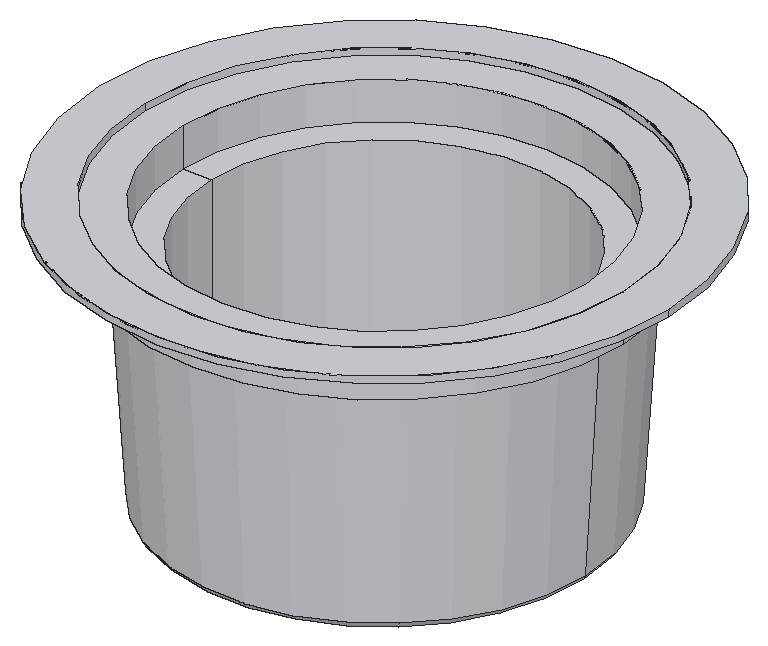
Revit family "Lighting-CommercialSector-GEWISS-ELIA-AL-LED_ACCENT_D172", category Apparecchi per illuminazione, host Superficie, Revit 2019
Family settings
  Host = Superficie
  Quota connettore circolare = Usa diametro
  Tipo di parte = Normale
  Taglio con vuoti quando caricato = No
  Sorgente d'illuminazione = Sì
  Condiviso = No
  Punto di calcolo locali = Sì
Parameters (values of type "GWF1411MH940 - ELIA AL M2 40K 60° ST.ALONE DALI CRI90")
  Working temperature = "-20° +45°"
  Weight (kg): = "0,7"
  Weight (kg) = "0,7"
  Wattage = 9.2903 W
  Warranty = "5 years"
  Voltage = "220-240 V "
  Visibilità etichetta [instance] = yes
  Visibilità simbolo [instance] = yes
  Visibilità lampada in pianta [instance] = not(Visibilità simbolo)  # no
  Version file RFA = "20.0"
  Variazione temperatura colore lampada con luminosità attenuata = (empty or 0)
  URL = "https://www.gewiss.com/ww/en"
  UGR: = "UGR<19"
  Typology = "Flush mounted"
  Type of light source = "LED - Not replaceable"
  Type of lamp = "LED"
  built-in parameter 1150107 = 3200 (stored number, unit not read)
  Technical sheet = "https://www.gewiss.com/ww/en/search?q=GWF1100GH840"
  System power = "25W"
  Spostamento_x_effettivo [instance] = 4000 mm - Spostamento_x  # 4000 mm
  Spostamento_x [instance] = 0 mm
  Spostamento_y_effettivo [instance] = 4000 mm - Spostamento_y  # 3820 mm
  Spostamento_y [instance] = 180 mm
  Shock resistance = "IK06"
  STRUTTURA = none
  SEO = "Flush mounted"
  Realized by GEWISS S.p.A. = ""
  built-in parameter 1150110 = 1 (stored number, unit not read)
  built-in parameter 1150109 = 1 (stored number, unit not read)
  built-in parameter 1114218 = 1 (stored number, unit not read)
  built-in parameter 1150112 = 1 (stored number, unit not read)
  POSIZIONE = 80000  # constant formula
  Optic = "60°"
  Operating temperature: = "-20° +45°"
  built-in parameter 1150142 = "IESNA:LM-63-1995\r\n[TEST] 1\r\n[DATE] 27 Nov 2019\r\n[MANUFAC] GEWISS\r\n[LUMCAT] GWF1411MH940\r\n[LUMINAIRE] ELIA AL - M2 60° LED940 25W - DALI\r\n[FLASHAREA] 0.003065\r\n[LAMPCAT] LED 25W/2400lm\r\n[LAMP] LED 25W/2400lm\r\nTILT=NONE\r\n1 2400.00 1.0 91 4 1 2 -0.127 0.000 0.000\r\n1.00 1.00 25.00\r\n0.00 1.00 2.00 3.00 4.00 5.00 6.00 7.00 8.00 9.00 10.00 \r\n11.00 12.00 13.00 14.00 15.00 16.00 17.00 18.00 19.00 \r\n20.00 21.00 22.00 23.00 24.00 25.00 26.00 27.00 28.00 \r\n29.00 30.00 31.00 32.00 33.00 34.00 35.00 36.00 37.00 \r\n38.00 39.00 40.00 41.00 42.00 43.00 44.00 45.00 46.00 \r\n47.00 48.00 49.00 50.00 51.00 52.00 53.00 54.00 55.00 \r\n56.00 57.00 58.00 59.00 60.00 61.00 62.00 63.00 64.00 \r\n65.00 66.00 67.00 68.00 69.00 70.00 71.00 72.00 73.00 \r\n74.00 75.00 76.00 77.00 78.00 79.00 80.00 81.00 82.00 \r\n83.00 84.00 85.00 86.00 87.00 88.00 89.00 90.00 \r\n0.00 30.00 60.00 90.00 \r\n2858.40 2860.80 2864.40 2868.00 2869.20 2864.40 2854.80 \r\n2841.60 2828.40 2812.80 2798.40 2782.80 2761.20 2733.60 \r\n2700.00 2658.00 2604.00 2540.40 2468.40 2385.48 2296.08 \r\n2199.48 2096.76 1986.72 1872.24 1752.12 1629.72 1510.68 \r\n1387.44 1264.56 1144.56 1031.52 929.40 837.36 754.32 \r\n679.56 612.00 551.64 496.44 445.32 398.16 354.24 313.44 \r\n274.32 237.14 200.22 164.72 130.26 99.02 74.28 54.78 \r\n39.13 26.72 18.53 12.68 8.19 5.21 3.41 2.68 2.28 1.99 \r\n1.79 1.57 1.38 1.24 1.13 1.06 1.00 0.95 0.90 0.84 0.82 \r\n0.77 0.73 0.67 0.62 0.57 0.51 0.44 0.36 0.28 0.21 0.14 \r\n0.07 0.00 0.00 0.00 0.00 0.00 0.00 0.00 \r\n2844.00 2846.40 2850.60 2852.40 2849.40 2842.80 2834.40 \r\n2823.60 2811.60 2797.20 2784.00 2766.00 2744.40 2715.00 \r\n2680.20 2637.60 2584.20 2521.20 2449.32 2369.28 2281.62 \r\n2186.58 2086.20 1979.34 1867.14 1749.96 1629.30 1508.34 \r\n1387.14 1265.16 1144.44 1033.26 931.74 839.76 758.10 \r\n684.06 616.92 556.56 501.48 450.60 402.84 358.62 317.82 \r\n278.70 240.88 203.99 168.20 133.06 100.93 75.22 55.82 \r\n39.71 26.86 18.57 12.77 8.27 5.13 3.43 2.67 2.24 1.98 \r\n1.79 1.57 1.38 1.23 1.13 1.06 0.99 0.94 0.89 0.85 0.80 \r\n0.75 0.71 0.67 0.61 0.55 0.49 0.44 0.37 0.29 0.21 0.11 \r\n0.05 0.00 0.00 0.00 0.00 0.00 0.00 0.00 \r\n2844.00 2845.80 2850.00 2852.40 2849.40 2844.00 2832.00 \r\n2818.80 2805.60 2791.80 2778.60 2761.80 2739.60 2712.00 \r\n2677.20 2635.20 2582.40 2519.40 2447.58 2367.42 2279.88 \r\n2184.72 2084.10 1977.06 1864.14 1746.36 1626.06 1505.04 \r\n1386.42 1266.96 1147.02 1034.46 932.28 839.94 758.10 \r\n684.30 617.94 557.94 503.28 453.24 405.12 360.78 321.00 \r\n281.52 242.69 205.63 169.22 133.76 100.80 75.07 56.26 \r\n39.72 26.99 18.66 12.87 8.36 5.06 3.51 2.67 2.26 2.01 \r\n1.81 1.60 1.41 1.24 1.14 1.09 1.01 0.96 0.91 0.86 0.81 \r\n0.76 0.72 0.68 0.62 0.57 0.51 0.45 0.38 0.31 0.22 0.13 \r\n0.03 0.00 0.00 0.00 0.00 0.00 0.00 0.00 \r\n2844.00 2845.20 2851.20 2853.60 2853.60 2846.40 2834.40 \r\n2818.80 2803.20 2788.80 2772.00 2756.40 2733.60 2707.20 \r\n2673.60 2630.40 2576.40 2514.00 2440.20 2361.24 2273.04 \r\n2178.12 2077.56 1971.24 1859.04 1741.68 1621.44 1500.00 \r\n1384.44 1265.16 1144.80 1032.36 931.08 839.64 758.40 \r\n684.36 617.64 557.64 503.52 453.48 405.36 361.44 321.96 \r\n283.32 243.46 206.33 169.34 134.09 100.55 74.69 56.38 \r\n39.54 27.02 18.73 12.99 8.46 5.02 3.58 2.72 2.31 2.06 \r\n1.87 1.66 1.46 1.26 1.18 1.11 1.04 0.98 0.93 0.89 0.83 \r\n0.78 0.74 0.70 0.63 0.58 0.52 0.45 0.39 0.31 0.22 0.13 \r\n0.02 0.00 0.00 0.00 0.00 0.00 0.00 0.00 \r\n"
  built-in parameter 1150137 = (empty or 0)
  built-in parameter 1150132 = (empty or 0)
  Luminous flux in emerg. [lm] = ""
  Lumen output (lm) = "2550"
  Lamp = "LED"
  LUNGHEZZA FORO = 968.572 mm
  LED Life time (L80B50) = "L80 B50 (Tq25°) = 50.000h"
  LED = none
  LARGHEZZA_FORO = 820.364 mm
  built-in parameter 1150105 = 109.82 (stored number, unit not read)
  built-in parameter 1150102 = (empty or 0)
  Insulation class = "II"
  Installation = "Flush mounted"
  built-in parameter 1150106 = 1.0982 (stored number, unit not read)
  Default Elevation = 1219.2 mm
  Produttore = "GEWISS S.p.A."
  Nome quadro [instance] = "25W"
  Model = "GWF1411MH940"
  L_lampada = 1500 mm
  Immagine tipo = ELIA_AL.jpg
  IP degree = "IP40 - IP54"
  IDT = "c1be2df2-232f-40c1-8cd1-aa0a19295d6b"
  IDF = "da994d68-7c15-409b-becf-5cf5e9cdf8f4"
  Lumens = 1380 lm
  Color Filter = 16777215
  File diagramma fotometrico = "GWF1411MH940.IES"
  built-in parameter 1114217 = 1 (stored number, unit not read)
  built-in parameter 1150139 = (empty or 0)
  FORO_CONTROSOFFITTO = 80 mm  # constant formula
  Emit from Line Length = 609.6 mm
  Electrocod = ""
  Efficiency class of integrated LEDs = ""
  built-in parameter 1150104 = 13.8 (stored number, unit not read)
  EAN code = ""
  Driver type = ""
  Distanza dal host [instance] = 0 mm
  built-in parameter 1150115 = 1 (stored number, unit not read)
  built-in parameter 1150114 = 1 (stored number, unit not read)
  built-in parameter 1150113 = 1 (stored number, unit not read)
  Dimensions (mm) = "Standard"
  Description = "ELIA AL M2 40K 60° ST.ALONE DALI CRI90"
  Colour temperature: = "4000K"
  Colour temperature = "4000K"
  Colour = "White"
  built-in parameter 1150134 = 3
  built-in parameter 1150138 = (empty or 0)
  Catalogue Range = "ELIA AL"
  Catalogue = "LIGHTING"
  COBie.Tagnumber = ""
  COBie.CreatedOn = ""
  COBie.CreatebBy = ""
  COBie.ComponentRegisterItemID = ""
  COBie.Component.TagNumber = ""
  COBie.Component.Space = ""
  COBie.Component.SerialNumber = ""
  COBie.Component.InstallationDate = ""
  COBie.Component.Description = ""
  COBie.Component.BarCode = ""
  Application = "Indoor"
  Tilt Angle = -90.00°
  built-in parameter 1150133 = 10 (stored number, unit not read)
Reference planes
  plane 1 "Centro (Fronte/Retro)": y = 0
  plane 2: z = 0
  plane 3 "Centro (Sinistra/Destra)": x = 0
  plane 4: x = -4000
  plane 5: x = 0
  plane 6: x = 0
  plane 7: z = 1200
  plane 8: y = -4000
  plane 9: y = -180
  plane 10: x = -484.286
  plane 11: y = -410.182
  plane 12: x = 484.286
  plane 13: y = 410.182
  plane 14: z = -80
Forms (mm)
  Extrusion 1, void
    sketch origin (0, 0, 0) x (1, 0, 0) y (0, 1, 0)
      loop
        circle (0, 0) r 86
    from -82.105 to 0
Lines and regions (mm)
  symbolic lines, visible <- "Visibilità lampada in pianta"
    curve 1: circle (0, 0, 0) r 86 normal (0, 0, 1)
Dimensions and locks
  plane 4 to plane 3 "Centro (Sinistra/Destra)" = 4000 mm  (x2)
  "Spostamento_x_effettivo": plane 4 to plane 5
  "Spostamento_x_effettivo": plane 6 to plane 4
  plane 7 to plane 2 = 1200 mm
  "Spostamento_y_effettivo": plane 9 to plane 8
  plane 1 "Centro (Fronte/Retro)" to plane 8 = 4000 mm
  equal spacing: plane 10, plane 3 "Centro (Sinistra/Destra)", plane 12
  equal spacing: plane 13, plane 1 "Centro (Fronte/Retro)", plane 11
  "FORO_CONTROSOFFITTO": level to plane 14
  "LUNGHEZZA FORO": plane 10 to plane 12
  "LARGHEZZA_FORO": plane 13 to plane 11
  aligned and locked: plane 2 to host face
  aligned and locked: level to host face
  aligned and locked: nested 2 to plane 1 "Centro (Fronte/Retro)"
  aligned and locked: plane 6 to nested 1
  aligned and locked: nested 1 to plane 9
  aligned and locked: plane 3 "Centro (Sinistra/Destra)" to nested 3
  aligned and locked: plane 1 "Centro (Fronte/Retro)" to nested 3
  aligned and locked: plane 6 to nested 4
  aligned and locked: nested 4 to imposter light
  aligned and locked: host face to imposter light
  aligned and locked: Extrusion 1 to nested 3
  aligned and locked: level to Extrusion 1
Automatic sketch dimensions
  host sketch curve to host sketch curve = 2438.4 mm  (x2)
  plane 1 "Centro (Fronte/Retro)" to Extrusion 1 sketch curve = 0 mm
  Extrusion 1 sketch curve to plane 3 "Centro (Sinistra/Destra)" = 0 mm
  plane 1 "Centro (Fronte/Retro)" to curve 1 = 0 mm
  curve 1 to plane 3 "Centro (Sinistra/Destra)" = 0 mm
  radius of Extrusion 1 sketch curve = 86 mm
  radius of curve 1 = 86 mm
Nested families
  nested 1: "Etichetta light" at (0, -180, 0), visible <- "Visibilità etichetta", type "Etichetta light"
  nested 2: "SIMB_2D" at (0, 0, 110.443) x (0, 0, 1) z (1, 0, 0), visible <- "Visibilità simbolo", type "SIMB_2D"
  nested 3: "Base_ELIA_6_ AL_Base" at (0, 0, -82.105), type "Base_ELIA_6_ AL_Base"
  nested 4: "elia_cl_SIMB_2D" at (0, 0, 0), vs_simbolo <- "Visibilità simbolo", type "elia_cl_SIMB_2D"
    with vs_simbolo yes
Definition of nested family "Base_ELIA_6_ AL_Base"
  Parameters (values of type "Base_ELIA_6_ AL_Base")
    struttura = none
    r3 = r2 - 5 mm  # 85.426 mm
    r2 = Raggio - 23.8 mm  # 90.426 mm
    h_led = 45 mm
    Raggio = 114.226 mm
    Led = none
    Diametro lampada = Raggio * 2  # 228.452 mm
  Reference planes
    plane 1 "Asse sorgente illuminazione (F/B)": y = 0
    plane 2 "inferiore": z = 0
    plane 3 "Asse sorgente illuminazione (L/R)": x = 0
    plane 4 "Prospetto sorgente di illuminazione": z = 1500
    plane 5: x = -52.151
    plane 6: x = 59.008
    plane 7: x = -48.462
    plane 8: x = 48.727
    plane 9: z = 70.117
    plane 10: z = 82.105
    plane 11: z = 84.117
  Forms (mm)
    Revolve 1, solid, material <- "struttura"
      sketch origin (0, 0, 0) x (1, 0, 0) y (0, 0, 1)
        loop
          line (-65.49, 70.617) -> (-60.962, 3.145)
          arc (-60.962, 3.145) -> (-58.561, 0.84) -> (-55.339, 0) r 6.599
          line (-55.339, 0) -> (-52.151, 0) -> (-52.151, 70.617) -> (-65.49, 70.617)
        axis (0, 70.617) -> (0, 0)
      angle from 0 to 360
    Extrusion 2, solid, material <- "struttura"
      sketch origin (0, 0, 58.117) x (-1, 0, 0) y (0, -1, 0)
        loop
          circle (0, 0) r 72.5
        loop
          circle (0, 0) r 60.962
      from 12 to 23.987
    Extrusion 3, solid, material <- "Led"
      sketch origin (0, 0, 58.117) x (-1, 0, 0) y (0, -1, 0)
        loop
          circle (0, 0) r 86
        loop
          circle (0, 0) r 72.5
      from 23.987 to 26
    Extrusion 4, solid
      sketch origin (0, 0, 58.117) x (-1, 0, 0) y (0, -1, 0)
        loop
          circle (0, 0) r 52.151
      from -58.117 to -53.373
    Extrusion 5, solid
      sketch origin (0, 0, 58.117) x (-1, 0, 0) y (0, -1, 0)
        loop
          circle (0, 0) r 72.5
      from 23.987 to 26
  Lines and regions (mm)
    symbolic lines
      curve 1: line (0, 0, 84.117) -> (0, 0, -125.883)
  Dimensions and locks
    plane 8 to plane 7 = 97.189 mm
    locked: plane 10 to plane 9 at 11.988
    locked: plane 9 to plane 2 "inferiore" at 70.117
    locked: plane 11 to plane 10 at 2.012
    diameter of Extrusion 2 sketch curve = 145 mm
    diameter of Extrusion 3 sketch curve = 172 mm
    aligned and locked: level to plane 2 "inferiore"
    aligned and locked: Revolve 1 sketch curve to plane 2 "inferiore"
    aligned and locked: Extrusion 2 to plane 9
    aligned and locked: plane 10 to Extrusion 2
    aligned and locked: Extrusion 3 to plane 10
    aligned and locked: Extrusion 3 to plane 11
    aligned and locked: Extrusion 4 to plane 2 "inferiore"
    aligned and locked: Extrusion 5 to plane 10
    aligned and locked: Extrusion 5 to curve 1
Definition of nested family "Etichetta light"
  Parameters (values of type "ETICHETTA LIGHT")
    COMMENTI = "330W"
  Reference planes
    plane 1: y = 0
    plane 2: x = 0
  Text (mm)
    label "COMMENTI" at (-0.057, 0.105, 0), shows "COMMENTI"
Definition of nested family "SIMB_2D"
  Parameters (values of type "SIMB_2D")
    vs_simbolo [instance] = yes
  Reference planes
    plane 1 "Centro (Fronte/Retro)": y = 0
    plane 2: z = 0
    plane 3 "Centro (Sinistra/Destra)": x = 0
  Lines and regions (mm)
    model lines, in view "Livello rif.", visible <- "vs_simbolo"
      curve 1: circle (1.594, -5.402, 0) r 132.43 normal (0, 0, 1)
      curve 2: circle (1.594, -5.402, 0) r 159.119 normal (0, 0, 1)
      curve 3: line (58.804, -62.709, 0) -> (-55.615, -5.745, 0)
      curve 4: line (-55.615, -5.745, 0) -> (58.804, 51.905, 0)
      curve 5: line (58.804, 51.905, 0) -> (58.804, -62.709, 0)
      curve 6: line (-55.615, 51.562, 0) -> (-55.615, -63.052, 0)
      curve 7: line (-55.615, -5.745, 0) -> (-89.068, -5.745, 0)
      curve 8: line (58.804, -5.402, 0) -> (83.507, -5.402, 0)
Definition of nested family "elia_cl_SIMB_2D"
  Parameters (values of type "elia_cl_SIMB_2D")
    vs_simbolo [instance] = yes
  Reference planes
    plane 1 "Centro (Fronte/Retro)": y = 0
    plane 2: z = 0
    plane 3 "Centro (Sinistra/Destra)": x = 0
  Lines and regions (mm)
    model lines, in view "Livello rif.", visible <- "vs_simbolo"
      curve 1: circle (1.594, -5.402, 0) r 159.119 normal (0, 0, 1)
      curve 2: line (58.804, -62.709, 0) -> (-55.615, -5.745, 0)
      curve 3: line (-55.615, -5.745, 0) -> (58.804, 51.905, 0)
      curve 4: line (58.804, 51.905, 0) -> (58.804, -62.709, 0)
      curve 5: line (-55.615, 51.562, 0) -> (-55.615, -63.052, 0)
      curve 6: line (-55.615, -5.745, 0) -> (-89.068, -5.745, 0)
      curve 7: line (58.804, -5.402, 0) -> (83.507, -5.402, 0)
Types (16, lengths in mm): name | Technical sheet | Optic | built-in parameter 1150142 | Lumen output (lm) | Model | IDT | File diagramma fotometrico | Description | Colour temperature: | Colour temperature
  GWF1411MG830 - ELIA AL M2 30K 36° ST.ALONE DALI CRI80 | "https://www.gewiss.com/ww/en/search?q=GWF1101QF840" | "36°" | "IESNA:LM-63-1995\r\n[TEST] 1\r\n[DATE] 27 Nov 2019\r\n[MANUFAC] GEWISS\r\n[LUMCAT] GWF1411MG830\r\n[LUMINAIRE] ELIA AL - M2 36° LED830 25W - DALI\r\n[FLASHAREA] 0.003065\r\n[LAMPCAT] LED 25W/2500lm\r\n[LAMP] LED 25W/2500lm\r\nTILT=NONE\r\n1 2500.00 1.0 91 4 1 2 -0.127 0.000 0.000\r\n1.00 1.00 25.00\r\n0.00 1.00 2.00 3.00 4.00 5.00 6.00 7.00 8.00 9.00 10.00 \r\n11.00 12.00 13.00 14.00 15.00 16.00 17.00 18.00 19.00 \r\n20.00 21.00 22.00 23.00 24.00 25.00 26.00 27.00 28.00 \r\n29.00 30.00 31.00 32.00 33.00 34.00 35.00 36.00 37.00 \r\n38.00 39.00 40.00 41.00 42.00 43.00 44.00 45.00 46.00 \r\n47.00 48.00 49.00 50.00 51.00 52.00 53.00 54.00 55.00 \r\n56.00 57.00 58.00 59.00 60.00 61.00 62.00 63.00 64.00 \r\n65.00 66.00 67.00 68.00 69.00 70.00 71.00 72.00 73.00 \r\n74.00 75.00 76.00 77.00 78.00 79.00 80.00 81.00 82.00 \r\n83.00 84.00 85.00 86.00 87.00 88.00 89.00 90.00 \r\n0.00 30.00 60.00 90.00 \r\n5400.00 5383.75 5347.50 5297.50 5236.25 5152.50 5040.00 \r\n4921.25 4775.00 4613.75 4437.50 4240.00 4028.75 3803.75 \r\n3568.75 3333.75 3088.75 2847.75 2611.25 2384.50 2166.63 \r\n1965.25 1780.38 1603.13 1450.88 1313.25 1189.13 1081.25 \r\n984.00 897.63 821.13 752.63 690.63 634.25 584.00 538.13 \r\n493.63 453.63 415.75 380.88 344.88 311.63 278.55 243.68 \r\n208.35 172.53 137.60 108.07 82.79 59.35 40.48 28.63 21.18 \r\n14.38 9.75 7.20 5.65 4.56 3.74 3.09 2.62 2.25 1.91 1.70 \r\n1.53 1.37 1.29 1.23 1.15 1.10 1.03 0.98 0.91 0.85 0.80 \r\n0.72 0.67 0.60 0.51 0.41 0.30 0.20 0.13 0.05 0.00 0.00 \r\n0.00 0.00 0.00 0.00 0.00 \r\n5381.25 5371.25 5335.00 5288.75 5219.38 5139.38 5033.75 \r\n4913.75 4771.88 4606.25 4425.00 4226.25 4015.00 3790.63 \r\n3561.25 3325.00 3083.75 2843.81 2608.81 2379.44 2164.88 \r\n1962.31 1778.00 1608.94 1453.50 1315.31 1192.19 1082.94 \r\n986.06 900.25 823.31 756.06 696.06 641.13 592.31 546.69 \r\n505.31 464.69 427.88 392.94 357.81 323.72 290.65 253.87 \r\n217.72 180.18 142.88 109.83 81.65 57.62 39.42 27.63 19.72 \r\n12.96 8.99 6.79 5.40 4.43 3.68 3.09 2.63 2.24 1.90 1.68 \r\n1.52 1.39 1.31 1.25 1.20 1.11 1.05 0.99 0.92 0.88 0.80 \r\n0.74 0.67 0.59 0.50 0.41 0.31 0.18 0.09 0.06 0.00 0.00 \r\n0.00 0.00 0.00 0.00 0.00 \r\n5382.50 5370.00 5340.63 5290.00 5226.25 5144.38 5043.75 \r\n4917.50 4776.88 4608.13 4427.50 4226.88 4013.75 3793.13 \r\n3563.75 3327.50 3087.50 2847.88 2611.38 2387.25 2170.63 \r\n1969.81 1787.50 1619.00 1464.88 1325.75 1201.44 1091.63 \r\n993.44 907.69 831.56 764.63 705.56 652.63 605.50 562.06 \r\n521.94 483.63 446.88 411.19 377.56 343.07 308.36 271.61 \r\n233.30 192.96 151.55 112.35 79.44 55.57 38.92 26.68 17.25 \r\n11.40 8.32 6.52 5.28 4.36 3.67 3.12 2.63 2.20 1.89 1.69 \r\n1.53 1.43 1.35 1.28 1.21 1.14 1.08 1.02 0.95 0.88 0.83 \r\n0.76 0.69 0.61 0.53 0.43 0.31 0.22 0.14 0.07 0.00 0.00 \r\n0.00 0.00 0.00 0.00 0.00 \r\n5382.50 5368.75 5342.50 5293.75 5225.00 5143.75 5040.00 \r\n4912.50 4770.00 4613.75 4427.50 4226.25 4015.00 3791.25 \r\n3562.50 3330.00 3090.00 2851.25 2615.38 2388.38 2176.25 \r\n1978.75 1798.13 1623.00 1469.38 1329.88 1205.38 1094.63 \r\n997.63 910.50 833.50 766.38 708.63 657.00 611.13 565.75 \r\n526.75 489.25 452.00 417.00 383.75 349.72 314.20 276.96 \r\n237.59 196.22 152.09 109.90 74.65 52.61 38.82 25.86 15.86 \r\n10.81 8.18 6.47 5.29 4.39 3.71 3.16 2.67 2.21 1.93 1.68 \r\n1.55 1.45 1.38 1.31 1.23 1.18 1.10 1.03 0.98 0.92 0.84 \r\n0.78 0.70 0.62 0.54 0.44 0.32 0.24 0.17 0.04 0.00 0.00 \r\n0.00 0.00 0.00 0.00 0.00 \r\n" | "2500" | "GWF1411MG830" | "f83f5a3f-5c7d-4669-b015-cb7a4a79ac44" | "GWF1411MG830.IES" | "ELIA AL M2 30K 36° ST.ALONE DALI CRI80" | "3000K" | "3000K"
  GWF1411MG930 - ELIA AL M2 30K 36° ST.ALONE DALI CRI90 | "https://www.gewiss.com/ww/en/search?q=GWF1100QF840" | "36°" | "IESNA:LM-63-1995\r\n[TEST] 1\r\n[DATE] 27 Nov 2019\r\n[MANUFAC] GEWISS\r\n[LUMCAT] GWF1411MG930\r\n[LUMINAIRE] ELIA AL - M2 36° LED930 25W - DALI\r\n[FLASHAREA] 0.003065\r\n[LAMPCAT] LED 25W/2100lm\r\n[LAMP] LED 25W/2100lm\r\nTILT=NONE\r\n1 2100.00 1.0 91 4 1 2 -0.127 0.000 0.000\r\n1.00 1.00 25.00\r\n0.00 1.00 2.00 3.00 4.00 5.00 6.00 7.00 8.00 9.00 10.00 \r\n11.00 12.00 13.00 14.00 15.00 16.00 17.00 18.00 19.00 \r\n20.00 21.00 22.00 23.00 24.00 25.00 26.00 27.00 28.00 \r\n29.00 30.00 31.00 32.00 33.00 34.00 35.00 36.00 37.00 \r\n38.00 39.00 40.00 41.00 42.00 43.00 44.00 45.00 46.00 \r\n47.00 48.00 49.00 50.00 51.00 52.00 53.00 54.00 55.00 \r\n56.00 57.00 58.00 59.00 60.00 61.00 62.00 63.00 64.00 \r\n65.00 66.00 67.00 68.00 69.00 70.00 71.00 72.00 73.00 \r\n74.00 75.00 76.00 77.00 78.00 79.00 80.00 81.00 82.00 \r\n83.00 84.00 85.00 86.00 87.00 88.00 89.00 90.00 \r\n0.00 30.00 60.00 90.00 \r\n4536.00 4522.35 4491.90 4449.90 4398.45 4328.10 4233.60 \r\n4133.85 4011.00 3875.55 3727.50 3561.60 3384.15 3195.15 \r\n2997.75 2800.35 2594.55 2392.11 2193.45 2002.98 1819.96 \r\n1650.81 1495.52 1346.63 1218.74 1103.13 998.87 908.25 \r\n826.56 754.01 689.75 632.21 580.13 532.77 490.56 452.03 \r\n414.64 381.05 349.23 319.94 289.69 261.77 233.98 204.69 \r\n175.01 144.92 115.58 90.78 69.54 49.85 34.00 24.05 17.79 \r\n12.08 8.19 6.05 4.75 3.83 3.14 2.60 2.20 1.89 1.60 1.43 \r\n1.29 1.15 1.09 1.03 0.97 0.93 0.86 0.82 0.76 0.71 0.67 \r\n0.61 0.56 0.50 0.43 0.35 0.26 0.17 0.11 0.04 0.00 0.00 \r\n0.00 0.00 0.00 0.00 0.00 \r\n4520.25 4511.85 4481.40 4442.55 4384.28 4317.07 4228.35 \r\n4127.55 4008.38 3869.25 3717.00 3550.05 3372.60 3184.13 \r\n2991.45 2793.00 2590.35 2388.80 2191.40 1998.73 1818.50 \r\n1648.34 1493.52 1351.51 1220.94 1104.86 1001.44 909.67 \r\n828.29 756.21 691.58 635.09 584.69 538.54 497.54 459.22 \r\n424.46 390.34 359.42 330.07 300.56 271.92 244.15 213.25 \r\n182.88 151.35 120.02 92.25 68.59 48.40 33.11 23.21 16.57 \r\n10.88 7.55 5.71 4.53 3.72 3.09 2.59 2.21 1.88 1.59 1.41 \r\n1.28 1.17 1.10 1.05 1.01 0.93 0.88 0.83 0.78 0.74 0.67 \r\n0.62 0.56 0.50 0.42 0.34 0.26 0.16 0.08 0.05 0.00 0.00 \r\n0.00 0.00 0.00 0.00 0.00 \r\n4521.30 4510.80 4486.13 4443.60 4390.05 4321.28 4236.75 \r\n4130.70 4012.58 3870.83 3719.10 3550.58 3371.55 3186.22 \r\n2993.55 2795.10 2593.50 2392.22 2193.55 2005.29 1823.33 \r\n1654.64 1501.50 1359.96 1230.50 1113.63 1009.21 916.97 \r\n834.49 762.46 698.51 642.29 592.67 548.21 508.62 472.13 \r\n438.43 406.25 375.38 345.40 317.15 288.18 259.02 228.15 \r\n195.97 162.08 127.30 94.37 66.73 46.68 32.70 22.41 14.49 \r\n9.58 6.99 5.47 4.44 3.67 3.08 2.62 2.21 1.85 1.59 1.42 \r\n1.29 1.20 1.14 1.08 1.02 0.96 0.91 0.86 0.80 0.74 0.70 \r\n0.64 0.58 0.51 0.45 0.36 0.26 0.19 0.12 0.06 0.00 0.00 \r\n0.00 0.00 0.00 0.00 0.00 \r\n4521.30 4509.75 4487.70 4446.75 4389.00 4320.75 4233.60 \r\n4126.50 4006.80 3875.55 3719.10 3550.05 3372.60 3184.65 \r\n2992.50 2797.20 2595.60 2395.05 2196.92 2006.24 1828.05 \r\n1662.15 1510.42 1363.32 1234.28 1117.10 1012.51 919.49 \r\n838.01 764.82 700.14 643.75 595.25 551.88 513.35 475.23 \r\n442.47 410.97 379.68 350.28 322.35 293.77 263.93 232.65 \r\n199.57 164.83 127.75 92.32 62.71 44.19 32.61 21.72 13.32 \r\n9.08 6.87 5.43 4.44 3.69 3.12 2.66 2.24 1.86 1.62 1.41 \r\n1.30 1.22 1.16 1.10 1.04 0.99 0.92 0.87 0.82 0.77 0.70 \r\n0.65 0.59 0.52 0.45 0.37 0.27 0.20 0.14 0.03 0.00 0.00 \r\n0.00 0.00 0.00 0.00 0.00 \r\n" | "2250" | "GWF1411MG930" | "80339d2d-a1d2-45ea-b67e-24da14975497" | "GWF1411MG930.IES" | "ELIA AL M2 30K 36° ST.ALONE DALI CRI90" | "3000K" | "3000K"
  GWF1410MG830 - ELIA AL M2 30K 36° ST.ALONE ON/OFF CRI80 | "https://www.gewiss.com/ww/en/search?q=GWF1101QH840" | "36°" | "IESNA:LM-63-1995\r\n[TEST] 1\r\n[DATE] 27 Nov 2019\r\n[MANUFAC] GEWISS\r\n[LUMCAT] GWF1410MG830\r\n[LUMINAIRE] ELIA AL - M2 36° LED830 25W\r\n[FLASHAREA] 0.003065\r\n[LAMPCAT] LED 25W/2500lm\r\n[LAMP] LED 25W/2500lm\r\nTILT=NONE\r\n1 2500.00 1.0 91 4 1 2 -0.127 0.000 0.000\r\n1.00 1.00 25.00\r\n0.00 1.00 2.00 3.00 4.00 5.00 6.00 7.00 8.00 9.00 10.00 \r\n11.00 12.00 13.00 14.00 15.00 16.00 17.00 18.00 19.00 \r\n20.00 21.00 22.00 23.00 24.00 25.00 26.00 27.00 28.00 \r\n29.00 30.00 31.00 32.00 33.00 34.00 35.00 36.00 37.00 \r\n38.00 39.00 40.00 41.00 42.00 43.00 44.00 45.00 46.00 \r\n47.00 48.00 49.00 50.00 51.00 52.00 53.00 54.00 55.00 \r\n56.00 57.00 58.00 59.00 60.00 61.00 62.00 63.00 64.00 \r\n65.00 66.00 67.00 68.00 69.00 70.00 71.00 72.00 73.00 \r\n74.00 75.00 76.00 77.00 78.00 79.00 80.00 81.00 82.00 \r\n83.00 84.00 85.00 86.00 87.00 88.00 89.00 90.00 \r\n0.00 30.00 60.00 90.00 \r\n5400.00 5383.75 5347.50 5297.50 5236.25 5152.50 5040.00 \r\n4921.25 4775.00 4613.75 4437.50 4240.00 4028.75 3803.75 \r\n3568.75 3333.75 3088.75 2847.75 2611.25 2384.50 2166.63 \r\n1965.25 1780.38 1603.13 1450.88 1313.25 1189.13 1081.25 \r\n984.00 897.63 821.13 752.63 690.63 634.25 584.00 538.13 \r\n493.63 453.63 415.75 380.88 344.88 311.63 278.55 243.68 \r\n208.35 172.53 137.60 108.07 82.79 59.35 40.48 28.63 21.18 \r\n14.38 9.75 7.20 5.65 4.56 3.74 3.09 2.62 2.25 1.91 1.70 \r\n1.53 1.37 1.29 1.23 1.15 1.10 1.03 0.98 0.91 0.85 0.80 \r\n0.72 0.67 0.60 0.51 0.41 0.30 0.20 0.13 0.05 0.00 0.00 \r\n0.00 0.00 0.00 0.00 0.00 \r\n5381.25 5371.25 5335.00 5288.75 5219.38 5139.38 5033.75 \r\n4913.75 4771.88 4606.25 4425.00 4226.25 4015.00 3790.63 \r\n3561.25 3325.00 3083.75 2843.81 2608.81 2379.44 2164.88 \r\n1962.31 1778.00 1608.94 1453.50 1315.31 1192.19 1082.94 \r\n986.06 900.25 823.31 756.06 696.06 641.13 592.31 546.69 \r\n505.31 464.69 427.88 392.94 357.81 323.72 290.65 253.87 \r\n217.72 180.18 142.88 109.83 81.65 57.62 39.42 27.63 19.72 \r\n12.96 8.99 6.79 5.40 4.43 3.68 3.09 2.63 2.24 1.90 1.68 \r\n1.52 1.39 1.31 1.25 1.20 1.11 1.05 0.99 0.92 0.88 0.80 \r\n0.74 0.67 0.59 0.50 0.41 0.31 0.18 0.09 0.06 0.00 0.00 \r\n0.00 0.00 0.00 0.00 0.00 \r\n5382.50 5370.00 5340.63 5290.00 5226.25 5144.38 5043.75 \r\n4917.50 4776.88 4608.13 4427.50 4226.88 4013.75 3793.13 \r\n3563.75 3327.50 3087.50 2847.88 2611.38 2387.25 2170.63 \r\n1969.81 1787.50 1619.00 1464.88 1325.75 1201.44 1091.63 \r\n993.44 907.69 831.56 764.63 705.56 652.63 605.50 562.06 \r\n521.94 483.63 446.88 411.19 377.56 343.07 308.36 271.61 \r\n233.30 192.96 151.55 112.35 79.44 55.57 38.92 26.68 17.25 \r\n11.40 8.32 6.52 5.28 4.36 3.67 3.12 2.63 2.20 1.89 1.69 \r\n1.53 1.43 1.35 1.28 1.21 1.14 1.08 1.02 0.95 0.88 0.83 \r\n0.76 0.69 0.61 0.53 0.43 0.31 0.22 0.14 0.07 0.00 0.00 \r\n0.00 0.00 0.00 0.00 0.00 \r\n5382.50 5368.75 5342.50 5293.75 5225.00 5143.75 5040.00 \r\n4912.50 4770.00 4613.75 4427.50 4226.25 4015.00 3791.25 \r\n3562.50 3330.00 3090.00 2851.25 2615.38 2388.38 2176.25 \r\n1978.75 1798.13 1623.00 1469.38 1329.88 1205.38 1094.63 \r\n997.63 910.50 833.50 766.38 708.63 657.00 611.13 565.75 \r\n526.75 489.25 452.00 417.00 383.75 349.72 314.20 276.96 \r\n237.59 196.22 152.09 109.90 74.65 52.61 38.82 25.86 15.86 \r\n10.81 8.18 6.47 5.29 4.39 3.71 3.16 2.67 2.21 1.93 1.68 \r\n1.55 1.45 1.38 1.31 1.23 1.18 1.10 1.03 0.98 0.92 0.84 \r\n0.78 0.70 0.62 0.54 0.44 0.32 0.24 0.17 0.04 0.00 0.00 \r\n0.00 0.00 0.00 0.00 0.00 \r\n" | "2500" | "GWF1410MG830" | "eefa4026-ad9d-4250-9b59-4c97110d69db" | "GWF1410MG830.IES" | "ELIA AL M2 30K 36° ST.ALONE ON/OFF CRI80" | "3000K" | "3000K"
  GWF1410MG930 - ELIA AL M2 30K 36° ST.ALONE ON/OFF CRI90 | "https://www.gewiss.com/ww/en/search?q=GWF1100QH840" | "36°" | "IESNA:LM-63-1995\r\n[TEST] 1\r\n[DATE] 27 Nov 2019\r\n[MANUFAC] GEWISS\r\n[LUMCAT] GWF1410MG930\r\n[LUMINAIRE] ELIA AL - M2 36° LED930 25W\r\n[FLASHAREA] 0.003065\r\n[LAMPCAT] LED 25W/2100lm\r\n[LAMP] LED 25W/2100lm\r\nTILT=NONE\r\n1 2100.00 1.0 91 4 1 2 -0.127 0.000 0.000\r\n1.00 1.00 25.00\r\n0.00 1.00 2.00 3.00 4.00 5.00 6.00 7.00 8.00 9.00 10.00 \r\n11.00 12.00 13.00 14.00 15.00 16.00 17.00 18.00 19.00 \r\n20.00 21.00 22.00 23.00 24.00 25.00 26.00 27.00 28.00 \r\n29.00 30.00 31.00 32.00 33.00 34.00 35.00 36.00 37.00 \r\n38.00 39.00 40.00 41.00 42.00 43.00 44.00 45.00 46.00 \r\n47.00 48.00 49.00 50.00 51.00 52.00 53.00 54.00 55.00 \r\n56.00 57.00 58.00 59.00 60.00 61.00 62.00 63.00 64.00 \r\n65.00 66.00 67.00 68.00 69.00 70.00 71.00 72.00 73.00 \r\n74.00 75.00 76.00 77.00 78.00 79.00 80.00 81.00 82.00 \r\n83.00 84.00 85.00 86.00 87.00 88.00 89.00 90.00 \r\n0.00 30.00 60.00 90.00 \r\n4536.00 4522.35 4491.90 4449.90 4398.45 4328.10 4233.60 \r\n4133.85 4011.00 3875.55 3727.50 3561.60 3384.15 3195.15 \r\n2997.75 2800.35 2594.55 2392.11 2193.45 2002.98 1819.96 \r\n1650.81 1495.52 1346.63 1218.74 1103.13 998.87 908.25 \r\n826.56 754.01 689.75 632.21 580.13 532.77 490.56 452.03 \r\n414.64 381.05 349.23 319.94 289.69 261.77 233.98 204.69 \r\n175.01 144.92 115.58 90.78 69.54 49.85 34.00 24.05 17.79 \r\n12.08 8.19 6.05 4.75 3.83 3.14 2.60 2.20 1.89 1.60 1.43 \r\n1.29 1.15 1.09 1.03 0.97 0.93 0.86 0.82 0.76 0.71 0.67 \r\n0.61 0.56 0.50 0.43 0.35 0.26 0.17 0.11 0.04 0.00 0.00 \r\n0.00 0.00 0.00 0.00 0.00 \r\n4520.25 4511.85 4481.40 4442.55 4384.28 4317.07 4228.35 \r\n4127.55 4008.38 3869.25 3717.00 3550.05 3372.60 3184.13 \r\n2991.45 2793.00 2590.35 2388.80 2191.40 1998.73 1818.50 \r\n1648.34 1493.52 1351.51 1220.94 1104.86 1001.44 909.67 \r\n828.29 756.21 691.58 635.09 584.69 538.54 497.54 459.22 \r\n424.46 390.34 359.42 330.07 300.56 271.92 244.15 213.25 \r\n182.88 151.35 120.02 92.25 68.59 48.40 33.11 23.21 16.57 \r\n10.88 7.55 5.71 4.53 3.72 3.09 2.59 2.21 1.88 1.59 1.41 \r\n1.28 1.17 1.10 1.05 1.01 0.93 0.88 0.83 0.78 0.74 0.67 \r\n0.62 0.56 0.50 0.42 0.34 0.26 0.16 0.08 0.05 0.00 0.00 \r\n0.00 0.00 0.00 0.00 0.00 \r\n4521.30 4510.80 4486.13 4443.60 4390.05 4321.28 4236.75 \r\n4130.70 4012.58 3870.83 3719.10 3550.58 3371.55 3186.22 \r\n2993.55 2795.10 2593.50 2392.22 2193.55 2005.29 1823.33 \r\n1654.64 1501.50 1359.96 1230.50 1113.63 1009.21 916.97 \r\n834.49 762.46 698.51 642.29 592.67 548.21 508.62 472.13 \r\n438.43 406.25 375.38 345.40 317.15 288.18 259.02 228.15 \r\n195.97 162.08 127.30 94.37 66.73 46.68 32.70 22.41 14.49 \r\n9.58 6.99 5.47 4.44 3.67 3.08 2.62 2.21 1.85 1.59 1.42 \r\n1.29 1.20 1.14 1.08 1.02 0.96 0.91 0.86 0.80 0.74 0.70 \r\n0.64 0.58 0.51 0.45 0.36 0.26 0.19 0.12 0.06 0.00 0.00 \r\n0.00 0.00 0.00 0.00 0.00 \r\n4521.30 4509.75 4487.70 4446.75 4389.00 4320.75 4233.60 \r\n4126.50 4006.80 3875.55 3719.10 3550.05 3372.60 3184.65 \r\n2992.50 2797.20 2595.60 2395.05 2196.92 2006.24 1828.05 \r\n1662.15 1510.42 1363.32 1234.28 1117.10 1012.51 919.49 \r\n838.01 764.82 700.14 643.75 595.25 551.88 513.35 475.23 \r\n442.47 410.97 379.68 350.28 322.35 293.77 263.93 232.65 \r\n199.57 164.83 127.75 92.32 62.71 44.19 32.61 21.72 13.32 \r\n9.08 6.87 5.43 4.44 3.69 3.12 2.66 2.24 1.86 1.62 1.41 \r\n1.30 1.22 1.16 1.10 1.04 0.99 0.92 0.87 0.82 0.77 0.70 \r\n0.65 0.59 0.52 0.45 0.37 0.27 0.20 0.14 0.03 0.00 0.00 \r\n0.00 0.00 0.00 0.00 0.00 \r\n" | "2250" | "GWF1410MG930" | "55258a04-1a10-45e4-a0f7-c53702952e34" | "GWF1410MG930.IES" | "ELIA AL M2 30K 36° ST.ALONE ON/OFF CRI90" | "3000K" | "3000K"
